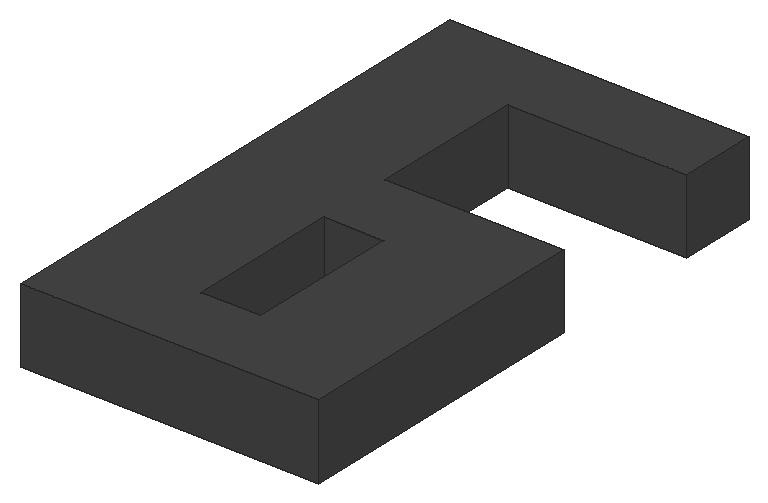
Revit family "Семейство6", category Обобщенные модели, Revit 2022
Family settings
  Может служить основой для арматурных стержней = Нет
  Размер круглого соединителя = Использовать диаметр
  Тип детали = Нормальный
  На основе рабочей плоскости = Нет
  Всегда вертикально = Да
  При загрузке вырезать с полостями = Нет
  Сохранять ориентацию аннотаций = Нет
  Общий = Нет
  Точка принадлежности помещению = Нет
Parameters
  Отметка по умолчанию = 0 mm
Reference planes
  plane 1 "По центру (Вперед/Назад)": y = 0
  plane 2: z = 0
  plane 3 "По центру (Влево/Вправо)": x = 0
Forms (mm)
  Extrusion 1, solid, material "Новый материал 6"
    sketch origin (270, -55.402, 0) x (1, 0, 0) y (0, 1, 0)
      loop
        line (-169.725, -845.893) -> (230, -845.893) -> (230, 183.402) -> (-169.725, 183.402) -> (-169.725, -845.893)
    from 0 to 250
  Extrusion 2, solid, material "Новый материал 6"
    sketch origin (-460, -244.8, 0) x (1, 0, 0) y (0, 1, 0)
      loop
        line (-40, 888.305) -> (960, 888.305) -> (960, 1144.8) -> (-40, 1144.8) -> (-40, 888.305)
    from 0 to 250
  Extrusion 3, solid, material "Новый материал 6"
    sketch origin (-464.8, -1032.6, 0) x (1, 0, 0) y (0, 1, 0)
      loop
        line (-35.2, 904.6) -> (964.8, 904.6) -> (964.8, 1160.6) -> (-35.2, 1160.6) -> (-35.2, 904.6)
    from 0 to 250
  Extrusion 4, solid, material "Новый материал 6"
    sketch origin (-464.8, -1789.6, 0) x (1, 0, 0) y (0, 1, 0)
      loop
        line (-35.2, 888.305) -> (964.8, 888.305) -> (964.8, 1144.8) -> (-35.2, 1144.8) -> (-35.2, 888.305)
    from 0 to 250
  Extrusion 5, solid, material "Новый материал 6"
    sketch origin (-329.8, -820.202, 0) x (1, 0, 0) y (0, 1, 0)
      loop
        line (-170.2, -81.093) -> (230, -81.093) -> (230, 1720.202) -> (-170.2, 1720.202) -> (-170.2, -81.093)
    from 0 to 250
Cuts and joins
  joined: Extrusion 1, Extrusion 2, Extrusion 3, Extrusion 4, Extrusion 5
Dimensions and locks
  plane 3 "По центру (Влево/Вправо)" to Extrusion 1 to Extrusion 1 = 100.275 mm, 399.725 mm
  Extrusion 1 to plane 1 "По центру (Вперед/Назад)" to Extrusion 1 = 128 mm, 901.295 mm
  Extrusion 2 to Extrusion 2 = 1000 mm
  Extrusion 2 to Extrusion 2 = 256.495 mm
  cut or joined group of Extrusion 1, Extrusion 2, Extrusion 3, Extrusion 4, Extrusion 5 to cut or joined group of Extrusion 1, Extrusion 2, Extrusion 3, Extrusion 4, Extrusion 5 = 250 mm
  cut or joined group of Extrusion 1, Extrusion 2, Extrusion 3, Extrusion 4, Extrusion 5 to plane 3 "По центру (Влево/Вправо)" to cut or joined group of Extrusion 1, Extrusion 2, Extrusion 3, Extrusion 4, Extrusion 5 = 500 mm, 500 mm
  cut or joined group of Extrusion 1, Extrusion 2, Extrusion 3, Extrusion 4, Extrusion 5 to cut or joined group of Extrusion 1, Extrusion 2, Extrusion 3, Extrusion 4, Extrusion 5 = 256.495 mm
  cut or joined group of Extrusion 1, Extrusion 2, Extrusion 3, Extrusion 4, Extrusion 5 to plane 1 "По центру (Вперед/Назад)" to cut or joined group of Extrusion 1, Extrusion 2, Extrusion 3, Extrusion 4, Extrusion 5 = 128 mm, 128 mm
  aligned and locked: level to plane 2
